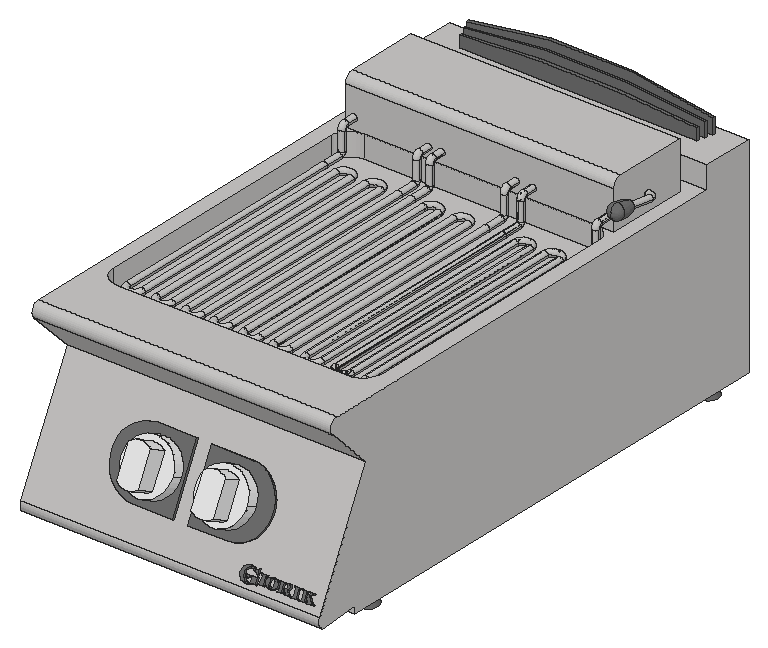
Revit family "QF_GIORIK_GL72TE", category Specialty Equipment, Revit 2014
Parameters (values of type "GL72TE")
  Weight in Pounds = 99.2079
  Watts = 4000 W
  Waste Water Discharge Temperature [instance] = 0 °C
  Volts = 400 V
  URL Cutsheet = "www.giorik.com"
  URL = "www.giorik.com"
  Status [instance] = ""
  Specification by User [instance] = ""
  Specification by Manufacturer = ""
  Show Logo [instance] = yes
  Show Clearance [instance] = yes
  Serial Number = ""
  Seismic Rating = ""
  SMACNA No = ""
  Revision Code [instance] = ""
  Plumbing Remarks [instance] = ""
  Plumbing Connection Type [instance] = ""
  Phase = 3
  Number of Poles [instance] = 3
  NAFEM Spec ID Number = ""
  Model = "GL72TE"
  Min Ckt Ampacity = 0 A
  Max Overcurrent Protection = 0 A
  Masterspec = ""
  Manufacturer = "GIORIK"
  Item Number [instance] = ""
  Installed By [instance] = ""
  Indirect Waste Size = 1"
  Indirect Waste Flow = 0.0 L/s
  Indirect Waste Connection Type [instance] = ""
  Indirect Waste Connection Height [instance] = 20 mm
  Identify Quantity as Lot [instance] = no
  HP = "5.364080000000"
  Furnished By [instance] = ""
  Foodservice Equipment Identifier [instance] = yes
  FL Amps = 0 A
  Electrical Remarks [instance] = ""
  Electric Connection Type [instance] = ""
  Elec Conn RI Height [instance] = 0 mm
  Elec Conn Connection Height [instance] = 20 mm
  Description = "ELECTRIC STEAMGRILL"
  Cycle = 50 Hz
  Conn Plug = ""
  Conn Conduit [instance] = no
  CSI MasterFormat = ""
  Assembly Code = "E1090320"
  Apparent Power = 4000 VA
Reference planes
  plane 1 "Back": y = 0
  plane 2: z = 0
  plane 3 "Left": x = 0
  plane 4 "Right": x = 400
  plane 5 "Front": y = -720
  plane 6 "Top": z = 300
Forms (mm)
  Extrusion 1, solid, visible <- "Show Logo"
    sketch origin (196.604, -736.761, 9.486) x (-1, 0, 0) y (0, 0.452718, 0.891654)
      loop
        line (-118.824, 58.358) -> (-127.804, 58.358) -> (-125.523, 56.445) -> (-125.523, 48.027) -> (-127.804, 46.113) -> (-118.824, 46.113) -> (-121.105, 48.027) -> (-121.105, 56.445) -> (-118.824, 58.358)
      loop
        line (-163.721, 58.358) -> (-172.7, 58.358) -> (-170.42, 56.445) -> (-170.42, 48.027) -> (-172.7, 46.113) -> (-163.721, 46.113) -> (-166.001, 48.027) -> (-166.001, 56.445) -> (-163.721, 58.358)
      loop
        line (-174.332, 58.358) -> (-183.312, 58.358) -> (-181.031, 56.445) -> (-181.031, 52.435) -> (-186.419, 56.955) -> (-184.416, 58.358) -> (-191.268, 58.358) -> (-188.01, 56.839) -> (-185.455, 54.283) -> (-190.846, 47.858) -> (-193.396, 46.93) -> (-193.396, 46.113) -> (-184.416, 46.113) -> (-185.437, 47.571) -> (-182.443, 51.552) -> (-181.031, 50.894) -> (-181.031, 48.027) -> (-183.312, 46.113) -> (-174.332, 46.113) -> (-176.613, 48.027) -> (-176.613, 56.445) -> (-174.332, 58.358)
      loop
        line (-115.429, 62.063) -> (-115.429, 54.198)
        arc (-115.429, 54.198) -> (-111.618, 57.803) -> (-106.847, 59.986) r 16.039
        arc (-106.847, 59.986) -> (-103.314, 59.837) -> (-100.512, 57.68) r 5.851
        arc (-100.512, 57.68) -> (-98.815, 52.267) -> (-100.512, 46.853) r 9.479
        arc (-100.512, 46.853) -> (-102.406, 44.986) -> (-104.846, 43.93) r 7.236
        arc (-104.846, 43.93) -> (-107.728, 44.111) -> (-110.052, 45.825) r 5.11
        line (-110.052, 45.825) -> (-110.052, 52.001) -> (-116.141, 52.001) -> (-116.141, 45.503) -> (-117.893, 43.751) -> (-114.094, 44.769)
        arc (-114.094, 44.769) -> (-112.56, 44.947) -> (-111.129, 44.366) r 3.115
        arc (-111.129, 44.366) -> (-104.216, 42.091) -> (-97.303, 44.366) r 11.641
        arc (-97.303, 44.366) -> (-93.396, 52.107) -> (-97.303, 59.849) r 9.622
        arc (-97.303, 59.849) -> (-104.369, 62.174) -> (-111.435, 59.849) r 11.898
        line (-111.435, 59.849) -> (-115.429, 62.063)
      loop
        arc (-129.234, 56.068) -> (-135.893, 58.628) -> (-142.552, 56.068) r 9.941
        arc (-142.552, 56.068) -> (-144.234, 52.286) -> (-142.552, 48.505) r 5.093
        arc (-142.552, 48.505) -> (-135.893, 45.945) -> (-129.234, 48.505) r 9.941
        arc (-129.234, 48.505) -> (-127.552, 52.286) -> (-129.234, 56.068) r 5.093
      loop
        arc (-132.628, 54.403) -> (-135.893, 57.668) -> (-139.158, 54.403) r 3.265
        line (-139.158, 54.403) -> (-139.158, 50.169)
        arc (-139.158, 50.169) -> (-135.893, 46.904) -> (-132.628, 50.169) r 3.265
        line (-132.628, 50.169) -> (-132.628, 54.403)
      loop
        arc (-156.363, 58.365) -> (-159.647, 55.081) -> (-156.363, 51.796) r 3.285
        line (-156.363, 51.796) -> (-159.529, 47.306) -> (-162.087, 46.113) -> (-155.847, 46.113) -> (-153.529, 51.083) -> (-150.637, 51.083) -> (-150.637, 47.784) -> (-153.022, 46.113) -> (-144.011, 46.113) -> (-146.094, 47.68) -> (-146.094, 56.493) -> (-144.229, 58.365) -> (-156.363, 58.365)
      loop
        line (-150.637, 57.512) -> (-153.637, 57.512)
        arc (-153.637, 57.512) -> (-156.237, 54.912) -> (-153.637, 52.312) r 2.6
        line (-153.637, 52.312) -> (-150.637, 52.312) -> (-150.637, 57.512)
      loop
        line (-108.924, 52.001) -> (-104.936, 49.005) -> (-100.948, 52.001) -> (-108.924, 52.001)
    from 1.5 to -0.5
  Extrusion 2, solid
    sketch origin (-4, 0, 0) x (1, 0, 0) y (0, 1, 0)
      loop
        circle (54, -385) r 12.5
    from 5 to 20
  Extrusion 3, solid
    sketch origin (0, 1000, -620) x (0, 1, 0) y (0, 0, 1)
      loop
        line (-1000, 919.988) -> (-1070, 919.988) -> (-1070, 889.988) -> (-1688.806, 889.988)
        arc (-1688.806, 889.988) -> (-1699.151, 883.075) -> (-1696.724, 870.873) r 11.197
        line (-1696.724, 870.873) -> (-1640.876, 815.025) -> (-1718.948, 661.258)
        arc (-1718.948, 661.258) -> (-1718.233, 650.105) -> (-1708.118, 645.354) r 10.981
        line (-1708.118, 645.354) -> (-1660, 649.925) -> (-1660, 640) -> (-1000, 640) -> (-1000, 919.988)
    from 0 to 400
  Extrusion 4, solid
    sketch origin (-273.221, -963.345, -547.637) x (1, 0, 0) y (0, 0.452718, 0.891654)
      loop
        line (463.221, 676.25) -> (463.221, 766.25) -> (409.698, 766.25)
        arc (409.698, 766.25) -> (364.698, 721.25) -> (409.698, 676.25) r 45
        line (409.698, 676.25) -> (463.221, 676.25)
    from 48 to 50
  Extrusion 5, solid
    sketch origin (501.331, -1008.697, -525.041) x (-1, 0, 0) y (0, -0.45351, -0.891251)
      loop
        circle (351.331, -721.346) r 35
    from 0 to 15
  Extrusion 6, solid
    sketch origin (501.331, -1008.697, -525.041) x (-1, 0, 0) y (0, -0.45351, -0.891251)
      loop
        arc (336.331, -743.846) -> (351.331, -748.846) -> (366.331, -743.846) r 25
        line (366.331, -743.846) -> (366.331, -698.846)
        arc (366.331, -698.846) -> (351.331, -693.846) -> (336.331, -698.846) r 25
        line (336.331, -698.846) -> (336.331, -743.846)
    from 15 to 40
  Extrusion 7, solid
    sketch origin (-94, 0, -610.001) x (1, 0, 0) y (0, 0, 1)
      loop
        line (135, 909.989) -> (453, 909.989) -> (453, 925.527) -> (347.056, 931.749) -> (240.944, 931.749) -> (135, 925.527) -> (135, 909.989)
    from 32 to 35
  Extrusion 8, solid
    sketch origin (-92, 10, -610.001) x (1, 0, 0) y (0, 0, 1)
      loop
        line (454, 909.989) -> (454, 928.527) -> (346.162, 939.193) -> (237.838, 939.193) -> (130, 928.527) -> (130, 909.989) -> (454, 909.989)
    from 32 to 35
  Extrusion 9, solid
    sketch origin (-90, 20, -610.001) x (1, 0, 0) y (0, 0, 1)
      loop
        line (455, 909.989) -> (455, 930.527) -> (345.396, 947.413) -> (234.604, 947.413) -> (125, 930.527) -> (125, 909.989) -> (455, 909.989)
    from 32 to 35
  Extrusion 10, void
    sketch origin (0, 0, 219.988) x (0, 1, 0) y (-1, 0, 0)
      loop
        arc (-200, -45) -> (-207.322, -27.322) -> (-225, -20) r 25
        line (-225, -20) -> (-589.698, -20)
        arc (-589.698, -20) -> (-607.375, -27.322) -> (-614.698, -45) r 25
        line (-614.698, -45) -> (-614.698, -355)
        arc (-614.698, -355) -> (-607.375, -372.678) -> (-589.698, -380) r 25
        line (-589.698, -380) -> (-225, -380)
        arc (-225, -380) -> (-207.322, -372.678) -> (-200, -355) r 25
        line (-200, -355) -> (-200, -45)
    from 20 to 50
  Extrusion 11, solid
    sketch origin (464.5, -383, 1248.988) x (0, -1, 0) y (0, 0, 1)
      loop
        line (-293, -915.5) -> (-293, -979) -> (-183, -979) -> (-183, -927.5)
        arc (-183, -927.5) -> (-186.515, -919.015) -> (-195, -915.5) r 12
        line (-195, -915.5) -> (-293, -915.5)
    from 84.5 to 444.5
  Sweep 12, solid
    path origin (-435.5, 1386.369, 50.284) x (0, 0.987688, -0.156434) y (-1, 0, 0)
      loop
        line (-1551.47, -757) -> (-1551.47, -818)
        arc (-1551.47, -818) -> (-1554.162, -824.308) -> (-1560.47, -827) r 9.2
        line (-1560.47, -827) -> (-1595.47, -827)
    profile origin (352, -146, 292.988) x (0, 0.987688, -0.156434) y (0, 0.156434, 0.987688)
      loop
        circle (0, 0) r 4
  Revolve 13, solid
    sketch origin (391.5, 1381.82, -876.578) x (0, 0.987688, -0.156434) y (0, 0.156434, 0.987688)
      loop
        line (-1735.97, 916.293) -> (-1735.97, 923.293)
        arc (-1735.97, 923.293) -> (-1746.353, 925.612) -> (-1756.97, 926.293) r 68.381
        arc (-1756.97, 926.293) -> (-1764.041, 923.364) -> (-1766.97, 916.293) r 10
        line (-1766.97, 916.293) -> (-1735.97, 916.293)
      axis (-1735.97, 916.293) -> (-1766.97, 916.293)
    angle from 0 to 360
  Sweep 14, solid
    path origin (31.228, 1252.908, -530.209) x (0, 1, 0) y (0, 0, 1)
      loop
        line (-1452.907, 815) -> (-1467.907, 815)
        arc (-1467.907, 815) -> (-1471.443, 813.536) -> (-1472.907, 810) r 5
        line (-1472.907, 810) -> (-1472.907, 785)
        arc (-1472.907, 785) -> (-1474.372, 781.464) -> (-1477.907, 780) r 5
        line (-1477.907, 780) -> (-1502.907, 780)
    profile origin (31.228, -207.5, 284.791) x (0, 0, -1) y (1, 0, 0)
      loop
        circle (0, 0) r 4
  Sweep 15, solid
    path origin (-1298.25, 1146.628, 249.791) x (0, 1, 0) y (-1, 0, 0)
      loop
        line (-1396.628, -1329.478) -> (-1726.628, -1329.478)
        arc (-1726.628, -1329.478) -> (-1736.628, -1339.478) -> (-1726.628, -1349.478) r 10
        line (-1726.628, -1349.478) -> (-1401.628, -1349.478)
        arc (-1401.628, -1349.478) -> (-1391.628, -1359.478) -> (-1401.628, -1369.478) r 10
        line (-1401.628, -1369.478) -> (-1726.628, -1369.478)
        arc (-1726.628, -1369.478) -> (-1736.628, -1379.478) -> (-1726.628, -1389.478) r 10
        line (-1726.628, -1389.478) -> (-1401.628, -1389.478)
        arc (-1401.628, -1389.478) -> (-1391.628, -1399.478) -> (-1401.628, -1409.478) r 10
        line (-1401.628, -1409.478) -> (-1726.628, -1409.478)
        arc (-1726.628, -1409.478) -> (-1736.628, -1419.478) -> (-1726.628, -1429.478) r 10
        line (-1726.628, -1429.478) -> (-1396.628, -1429.478)
    profile origin (31.228, -415, 249.791) x (1, 0, 0) y (0, 0, 1)
      loop
        circle (0, 0) r 4
  Sweep 16, solid
    path origin (131.228, 1252.908, -530.209) x (0, 1, 0) y (0, 0, 1)
      loop
        line (-1452.907, 815) -> (-1467.907, 815)
        arc (-1467.907, 815) -> (-1471.443, 813.536) -> (-1472.907, 810) r 5
        line (-1472.907, 810) -> (-1472.907, 785)
        arc (-1472.907, 785) -> (-1474.372, 781.464) -> (-1477.907, 780) r 5
        line (-1477.907, 780) -> (-1502.907, 780)
    profile origin (131.228, -207.5, 284.791) x (0, 0, -1) y (1, 0, 0)
      loop
        circle (0, 0) r 4
  Sweep 17, solid
    path origin (248.772, 1252.908, -530.209) x (0, 1, 0) y (0, 0, -1)
      loop
        line (-1452.907, -815) -> (-1467.907, -815)
        arc (-1467.907, -815) -> (-1471.443, -813.536) -> (-1472.907, -810) r 5
        line (-1472.907, -810) -> (-1472.907, -785)
        arc (-1472.907, -785) -> (-1474.372, -781.464) -> (-1477.907, -780) r 5
        line (-1477.907, -780) -> (-1502.907, -780)
    profile origin (248.772, -207.5, 284.791) x (0, 0, 1) y (-1, 0, 0)
      loop
        circle (0, 0) r 4
  Sweep 18, solid
    path origin (1578.25, 1146.628, 249.791) x (0, 1, 0) y (-1, 0, 0)
      loop
        line (-1396.628, 1329.478) -> (-1726.628, 1329.478)
        arc (-1726.628, 1329.478) -> (-1736.628, 1339.478) -> (-1726.628, 1349.478) r 10
        line (-1726.628, 1349.478) -> (-1401.628, 1349.478)
        arc (-1401.628, 1349.478) -> (-1391.628, 1359.478) -> (-1401.628, 1369.478) r 10
        line (-1401.628, 1369.478) -> (-1726.628, 1369.478)
        arc (-1726.628, 1369.478) -> (-1736.628, 1379.478) -> (-1726.628, 1389.478) r 10
        line (-1726.628, 1389.478) -> (-1401.628, 1389.478)
        arc (-1401.628, 1389.478) -> (-1391.628, 1399.478) -> (-1401.628, 1409.478) r 10
        line (-1401.628, 1409.478) -> (-1726.628, 1409.478)
        arc (-1726.628, 1409.478) -> (-1736.628, 1419.478) -> (-1726.628, 1429.478) r 10
        line (-1726.628, 1429.478) -> (-1396.628, 1429.478)
    profile origin (248.772, -415, 249.791) x (1, 0, 0) y (0, 0, 1)
      loop
        circle (0, 0) r 4
  Sweep 19, solid
    path origin (148.772, 1252.908, -530.209) x (0, 1, 0) y (0, 0, -1)
      loop
        line (-1452.907, -815) -> (-1467.907, -815)
        arc (-1467.907, -815) -> (-1471.443, -813.536) -> (-1472.907, -810) r 5
        line (-1472.907, -810) -> (-1472.907, -785)
        arc (-1472.907, -785) -> (-1474.372, -781.464) -> (-1477.907, -780) r 5
        line (-1477.907, -780) -> (-1502.907, -780)
    profile origin (148.772, -207.5, 284.791) x (0, 0, 1) y (-1, 0, 0)
      loop
        circle (0, 0) r 4
  Sweep 20, solid
    path origin (271.228, 1252.908, -530.209) x (0, 1, 0) y (0, 0, 1)
      loop
        line (-1452.907, 815) -> (-1467.907, 815)
        arc (-1467.907, 815) -> (-1471.443, 813.536) -> (-1472.907, 810) r 5
        line (-1472.907, 810) -> (-1472.907, 785)
        arc (-1472.907, 785) -> (-1474.372, 781.464) -> (-1477.907, 780) r 5
        line (-1477.907, 780) -> (-1502.907, 780)
    profile origin (271.228, -207.5, 284.791) x (0, 0, -1) y (1, 0, 0)
      loop
        circle (0, 0) r 4
  Sweep 21, solid
    path origin (-1058.25, 1146.628, 249.791) x (0, 1, 0) y (-1, 0, 0)
      loop
        line (-1396.628, -1329.478) -> (-1726.628, -1329.478)
        arc (-1726.628, -1329.478) -> (-1736.628, -1339.478) -> (-1726.628, -1349.478) r 10
        line (-1726.628, -1349.478) -> (-1401.628, -1349.478)
        arc (-1401.628, -1349.478) -> (-1391.628, -1359.478) -> (-1401.628, -1369.478) r 10
        line (-1401.628, -1369.478) -> (-1726.628, -1369.478)
        arc (-1726.628, -1369.478) -> (-1736.628, -1379.478) -> (-1726.628, -1389.478) r 10
        line (-1726.628, -1389.478) -> (-1401.628, -1389.478)
        arc (-1401.628, -1389.478) -> (-1391.628, -1399.478) -> (-1401.628, -1409.478) r 10
        line (-1401.628, -1409.478) -> (-1726.628, -1409.478)
        arc (-1726.628, -1409.478) -> (-1736.628, -1419.478) -> (-1726.628, -1429.478) r 10
        line (-1726.628, -1429.478) -> (-1396.628, -1429.478)
    profile origin (271.228, -415, 249.791) x (1, 0, 0) y (0, 0, 1)
      loop
        circle (0, 0) r 4
  Sweep 22, solid
    path origin (371.228, 1252.908, -530.209) x (0, 1, 0) y (0, 0, 1)
      loop
        line (-1452.907, 815) -> (-1467.907, 815)
        arc (-1467.907, 815) -> (-1471.443, 813.536) -> (-1472.907, 810) r 5
        line (-1472.907, 810) -> (-1472.907, 785)
        arc (-1472.907, 785) -> (-1474.372, 781.464) -> (-1477.907, 780) r 5
        line (-1477.907, 780) -> (-1502.907, 780)
    profile origin (371.228, -207.5, 284.791) x (0, 0, -1) y (1, 0, 0)
      loop
        circle (0, 0) r 4
  Extrusion 23, solid
    sketch origin (673.221, -963.345, -547.637) x (-1, 0, 0) y (0, -0.452718, -0.891654)
      loop
        line (463.221, -676.25) -> (409.698, -676.25)
        arc (409.698, -676.25) -> (364.698, -721.25) -> (409.698, -766.25) r 45
        line (409.698, -766.25) -> (463.221, -766.25) -> (463.221, -676.25)
    from 48 to 50
  Extrusion 24, solid
    sketch origin (-101.331, -1008.697, -525.041) x (1, 0, 0) y (0, 0.45351, 0.891251)
      loop
        circle (351.331, 721.346) r 35
    from 0 to 15
  Extrusion 25, solid
    sketch origin (-101.331, -1008.697, -525.041) x (1, 0, 0) y (0, 0.45351, 0.891251)
      loop
        line (336.331, 743.846) -> (336.331, 698.846)
        arc (336.331, 698.846) -> (351.331, 693.846) -> (366.331, 698.846) r 25
        line (366.331, 698.846) -> (366.331, 743.846)
        arc (366.331, 743.846) -> (351.331, 748.846) -> (336.331, 743.846) r 25
    from 15 to 40
  Extrusion 26, solid
    sketch origin (0, 0, -30) x (0, 1, 0) y (-1, 0, 0)
      loop
        circle (-195, -350) r 12.4
    from 35 to 50
  Sweep 27, solid
    path origin (148.772, 1252.908, -530.209) x (0, 1, 0) y (0, 0, 1)
      loop
        line (-1452.907, 815) -> (-1467.907, 815)
        arc (-1467.907, 815) -> (-1471.443, 813.536) -> (-1472.907, 810) r 5
        line (-1472.907, 810) -> (-1472.907, 785)
        arc (-1472.907, 785) -> (-1474.372, 781.464) -> (-1477.907, 780) r 5
        line (-1477.907, 780) -> (-1502.907, 780)
    profile origin (148.772, -207.5, 284.791) x (0, 0, -1) y (1, 0, 0)
      loop
        circle (0, 0) r 4
  Sweep 28, solid
    path origin (-1180.705, 1146.628, 249.791) x (0, 1, 0) y (-1, 0, 0)
      loop
        line (-1396.628, -1329.478) -> (-1726.628, -1329.478)
        arc (-1726.628, -1329.478) -> (-1736.628, -1339.478) -> (-1726.628, -1349.478) r 10
        line (-1726.628, -1349.478) -> (-1401.628, -1349.478)
        arc (-1401.628, -1349.478) -> (-1391.628, -1359.478) -> (-1401.628, -1369.478) r 10
        line (-1401.628, -1369.478) -> (-1726.628, -1369.478)
        arc (-1726.628, -1369.478) -> (-1736.628, -1379.478) -> (-1726.628, -1389.478) r 10
        line (-1726.628, -1389.478) -> (-1401.628, -1389.478)
        arc (-1401.628, -1389.478) -> (-1391.628, -1399.478) -> (-1401.628, -1409.478) r 10
        line (-1401.628, -1409.478) -> (-1726.628, -1409.478)
        arc (-1726.628, -1409.478) -> (-1736.628, -1419.478) -> (-1726.628, -1429.478) r 10
        line (-1726.628, -1429.478) -> (-1396.628, -1429.478)
    profile origin (148.772, -415, 249.791) x (1, 0, 0) y (0, 0, 1)
      loop
        circle (0, 0) r 4
  Sweep 29, solid
    path origin (248.772, 1252.908, -530.209) x (0, 1, 0) y (0, 0, 1)
      loop
        line (-1452.907, 815) -> (-1467.907, 815)
        arc (-1467.907, 815) -> (-1471.443, 813.536) -> (-1472.907, 810) r 5
        line (-1472.907, 810) -> (-1472.907, 785)
        arc (-1472.907, 785) -> (-1474.372, 781.464) -> (-1477.907, 780) r 5
        line (-1477.907, 780) -> (-1502.907, 780)
    profile origin (248.772, -207.5, 284.791) x (0, 0, -1) y (1, 0, 0)
      loop
        circle (0, 0) r 4
  Sweep 30, solid
    path origin (271.206, 1252.908, -530.209) x (0, 1, 0) y (0, 0, 1)
      loop
        line (-1452.907, 815) -> (-1467.907, 815)
        arc (-1467.907, 815) -> (-1471.443, 813.536) -> (-1472.907, 810) r 5
        line (-1472.907, 810) -> (-1472.907, 785)
        arc (-1472.907, 785) -> (-1474.372, 781.464) -> (-1477.907, 780) r 5
        line (-1477.907, 780) -> (-1502.907, 780)
    profile origin (271.206, -207.5, 284.791) x (0, 0, -1) y (1, 0, 0)
      loop
        circle (0, 0) r 4
  Sweep 31, solid
    path origin (-1058.272, 1146.628, 249.791) x (0, 1, 0) y (-1, 0, 0)
      loop
        line (-1396.628, -1329.478) -> (-1726.628, -1329.478)
        arc (-1726.628, -1329.478) -> (-1736.628, -1339.478) -> (-1726.628, -1349.478) r 10
        line (-1726.628, -1349.478) -> (-1401.628, -1349.478)
        arc (-1401.628, -1349.478) -> (-1391.628, -1359.478) -> (-1401.628, -1369.478) r 10
        line (-1401.628, -1369.478) -> (-1726.628, -1369.478)
        arc (-1726.628, -1369.478) -> (-1736.628, -1379.478) -> (-1726.628, -1389.478) r 10
        line (-1726.628, -1389.478) -> (-1401.628, -1389.478)
        arc (-1401.628, -1389.478) -> (-1391.628, -1399.478) -> (-1401.628, -1409.478) r 10
        line (-1401.628, -1409.478) -> (-1726.628, -1409.478)
        arc (-1726.628, -1409.478) -> (-1736.628, -1419.478) -> (-1726.628, -1429.478) r 10
        line (-1726.628, -1429.478) -> (-1396.628, -1429.478)
    profile origin (271.206, -415, 249.791) x (1, 0, 0) y (0, 0, 1)
      loop
        circle (0, 0) r 4
  Sweep 32, solid
    path origin (371.206, 1252.908, -530.209) x (0, 1, 0) y (0, 0, 1)
      loop
        line (-1452.907, 815) -> (-1467.907, 815)
        arc (-1467.907, 815) -> (-1471.443, 813.536) -> (-1472.907, 810) r 5
        line (-1472.907, 810) -> (-1472.907, 785)
        arc (-1472.907, 785) -> (-1474.372, 781.464) -> (-1477.907, 780) r 5
        line (-1477.907, 780) -> (-1502.907, 780)
    profile origin (371.206, -207.5, 284.791) x (0, 0, -1) y (1, 0, 0)
      loop
        circle (0, 0) r 4
  Extrusion 33, solid
    sketch origin (543.603, 45.293, -30) x (0, 1, 0) y (-1, 0, 0)
      loop
        circle (-79.293, 516.603) r 5
    from 41.965 to 50
  Revolve 34, solid
    sketch origin (27, 49.943, -600) x (0, 1, 0) y (0, 0, 1)
      loop
        line (-83.943, 611.965) -> (-94.752, 611.965) -> (-97.943, 600) -> (-83.943, 600) -> (-83.943, 611.965)
      axis (-83.943, 611.965) -> (-83.943, 600)
    angle from 0 to 360
  Extrusion 35, solid
    sketch origin (543.603, -524.707, -30) x (0, 1, 0) y (-1, 0, 0)
      loop
        circle (-79.293, 516.603) r 5
    from 41.965 to 50
  Revolve 36, solid
    sketch origin (27, -520.057, -600) x (0, 1, 0) y (0, 0, 1)
      loop
        line (-83.943, 611.965) -> (-94.752, 611.965) -> (-97.943, 600) -> (-83.943, 600) -> (-83.943, 611.965)
      axis (-83.943, 611.965) -> (-83.943, 600)
    angle from 0 to 360
  Extrusion 37, solid
    sketch origin (-143.603, 45.293, -30) x (0, 1, 0) y (-1, 0, 0)
      loop
        circle (-79.293, -516.603) r 5
    from 41.965 to 50
  Revolve 38, solid
    sketch origin (373, 49.943, -600) x (0, 1, 0) y (0, 0, -1)
      loop
        line (-83.943, -611.965) -> (-83.943, -600) -> (-97.943, -600) -> (-94.752, -611.965) -> (-83.943, -611.965)
      axis (-83.943, -611.965) -> (-83.943, -600)
    angle from 0 to 360
  Extrusion 39, solid
    sketch origin (-143.603, -524.707, -30) x (0, 1, 0) y (-1, 0, 0)
      loop
        circle (-79.293, -516.603) r 5
    from 41.965 to 50
  Revolve 40, solid
    sketch origin (373, -520.057, -600) x (0, 1, 0) y (0, 0, -1)
      loop
        line (-83.943, -611.965) -> (-83.943, -600) -> (-97.943, -600) -> (-94.752, -611.965) -> (-83.943, -611.965)
      axis (-83.943, -611.965) -> (-83.943, -600)
    angle from 0 to 360
Cuts and joins
  Extrusion 10 cuts Extrusion 3
Lines and regions (mm)
  symbolic lines, style "200-EquipBorder-2D"
    curve 1: line (0, -720, 0) -> (400, -720, 0)
    curve 2: line (400, -720, 0) -> (400, 0, 0)
    curve 3: line (400, 0, 0) -> (0, 0, 0)
    curve 4: line (0, 0, 0) -> (0, -720, 0)
  symbolic lines, style "200-EquipInternal-2D"
    curve 5: line (0, -70, 300) -> (400, -70, 300)
    curve 6: line (35, -12, 900) -> (365, -12, 900)
    curve 7: line (365, -12, 900) -> (365, -15, 900)
    curve 8: line (365, -15, 900) -> (35, -15, 900)
    curve 9: line (35, -15, 900) -> (35, -12, 900)
    curve 10: line (38, -22, 900) -> (362, -22, 900)
    curve 11: line (362, -22, 900) -> (362, -25, 900)
    curve 12: line (362, -25, 900) -> (38, -25, 900)
    curve 13: line (38, -25, 900) -> (38, -22, 900)
    curve 14: line (41, -32, 900) -> (359, -32, 900)
    curve 15: line (359, -32, 900) -> (359, -35, 900)
    curve 16: line (359, -35, 900) -> (41, -35, 900)
    curve 17: line (41, -35, 900) -> (41, -32, 900)
    curve 18: line (27.198, -200, 300) -> (27.198, -580, 300)
    curve 19: arc (27.198, -580, 300) -> (41.221, -594.023, 300) -> (55.244, -580, 300) r 14.023
    curve 20: line (55.244, -580, 300) -> (55.244, -255, 300)
    curve 21: arc (55.244, -255, 300) -> (61.198, -249.046, 300) -> (67.153, -255, 300) r 5.954
    curve 22: line (67.153, -255, 300) -> (67.153, -580, 300)
    curve 23: arc (67.153, -580, 300) -> (81.174, -594.021, 300) -> (95.195, -580, 300) r 14.021
    curve 24: line (95.195, -580, 300) -> (95.195, -255, 300)
    curve 25: arc (95.195, -255, 300) -> (101.209, -248.986, 300) -> (107.222, -255, 300) r 6.013
    curve 26: line (107.222, -255, 300) -> (107.222, -580, 300)
    curve 27: arc (107.222, -580, 300) -> (121.236, -594.014, 300) -> (135.25, -580, 300) r 14.014
    curve 28: line (135.25, -580, 300) -> (135.25, -200, 300)
    curve 29: line (127.255, -200, 300) -> (127.255, -580, 300)
    curve 30: line (115.195, -580, 300) -> (115.195, -255, 300)
    curve 31: arc (115.195, -255, 300) -> (101.212, -241.017, 300) -> (87.229, -255, 300) r 13.983
    curve 32: line (87.229, -255, 300) -> (87.229, -580, 300)
    curve 33: arc (87.229, -580, 300) -> (81.208, -586.021, 300) -> (75.187, -580, 300) r 6.021
    curve 34: line (75.187, -580, 300) -> (75.187, -255, 300)
    curve 35: arc (75.187, -255, 300) -> (61.225, -241.039, 300) -> (47.264, -255, 300) r 13.961
    curve 36: line (47.264, -255, 300) -> (47.264, -580, 300)
    curve 37: arc (47.264, -580, 300) -> (41.247, -586.017, 300) -> (35.229, -580, 300) r 6.017
    curve 38: line (35.229, -580, 300) -> (35.229, -200, 300)
    curve 39: arc (27.198, -207.448, 300) -> (21.869, -215.515, 300) -> (20, -225, 300) r 25
    curve 40: arc (35.229, -201.988, 300) -> (39.683, -200.606, 300) -> (44.307, -200, 300) r 27.373
    curve 41: arc (355.524, -200, 300) -> (361.575, -200.879, 300) -> (367.233, -203.197, 300) r 25.066
    curve 42: arc (375.228, -210.308, 300) -> (378.777, -217.276, 300) -> (380, -225, 300) r 25
    curve 43: line (144.742, -200, 300) -> (144.742, -580, 300)
    curve 44: arc (144.742, -580, 300) -> (158.766, -594.023, 300) -> (172.789, -580, 300) r 14.023
    curve 45: line (172.789, -580, 300) -> (172.789, -255, 300)
    curve 46: arc (172.789, -255, 300) -> (178.743, -249.046, 300) -> (184.697, -255, 300) r 5.954
    curve 47: line (184.697, -255, 300) -> (184.697, -580, 300)
    curve 48: arc (184.697, -580, 300) -> (198.719, -594.021, 300) -> (212.74, -580, 300) r 14.021
    curve 49: line (212.74, -580, 300) -> (212.74, -255, 300)
    curve 50: arc (212.74, -255, 300) -> (218.753, -248.986, 300) -> (224.767, -255, 300) r 6.013
    curve 51: line (224.767, -255, 300) -> (224.767, -580, 300)
    curve 52: arc (224.767, -580, 300) -> (238.781, -594.014, 300) -> (252.794, -580, 300) r 14.014
    curve 53: line (252.794, -580, 300) -> (252.794, -200, 300)
    curve 54: line (244.8, -200, 300) -> (244.8, -580, 300)
    curve 55: line (232.74, -580, 300) -> (232.74, -255, 300)
    curve 56: arc (232.74, -255, 300) -> (218.757, -241.017, 300) -> (204.774, -255, 300) r 13.983
    curve 57: line (204.774, -255, 300) -> (204.774, -580, 300)
    curve 58: arc (204.774, -580, 300) -> (198.753, -586.021, 300) -> (192.731, -580, 300) r 6.021
    curve 59: line (192.731, -580, 300) -> (192.731, -255, 300)
    curve 60: arc (192.731, -255, 300) -> (178.77, -241.039, 300) -> (164.809, -255, 300) r 13.961
    curve 61: line (164.809, -255, 300) -> (164.809, -580, 300)
    curve 62: arc (164.809, -580, 300) -> (158.791, -586.017, 300) -> (152.774, -580, 300) r 6.017
    curve 63: line (152.774, -580, 300) -> (152.774, -200, 300)
    curve 64: line (267.176, -200, 300) -> (267.176, -580, 300)
    curve 65: arc (267.176, -580, 300) -> (281.199, -594.023, 300) -> (295.222, -580, 300) r 14.023
    curve 66: line (295.222, -580, 300) -> (295.222, -255, 300)
    curve 67: arc (295.222, -255, 300) -> (301.176, -249.046, 300) -> (307.131, -255, 300) r 5.954
    curve 68: line (307.131, -255, 300) -> (307.131, -580, 300)
    curve 69: arc (307.131, -580, 300) -> (321.152, -594.021, 300) -> (335.173, -580, 300) r 14.021
    curve 70: line (335.173, -580, 300) -> (335.173, -255, 300)
    curve 71: arc (335.173, -255, 300) -> (341.186, -248.986, 300) -> (347.2, -255, 300) r 6.013
    curve 72: line (347.2, -255, 300) -> (347.2, -580, 300)
    curve 73: arc (347.2, -580, 300) -> (361.214, -594.014, 300) -> (375.228, -580, 300) r 14.014
    curve 74: line (375.228, -580, 300) -> (375.228, -200, 300)
    curve 75: line (367.233, -200, 300) -> (367.233, -580, 300)
    curve 76: line (355.173, -580, 300) -> (355.173, -255, 300)
    curve 77: arc (355.173, -255, 300) -> (341.19, -241.017, 300) -> (327.207, -255, 300) r 13.983
    curve 78: line (327.207, -255, 300) -> (327.207, -580, 300)
    curve 79: arc (327.207, -580, 300) -> (321.186, -586.021, 300) -> (315.165, -580, 300) r 6.021
    curve 80: line (315.165, -580, 300) -> (315.165, -255, 300)
    curve 81: arc (315.165, -255, 300) -> (301.203, -241.039, 300) -> (287.242, -255, 300) r 13.961
    curve 82: line (287.242, -255, 300) -> (287.242, -580, 300)
    curve 83: arc (287.242, -580, 300) -> (281.224, -586.017, 300) -> (275.207, -580, 300) r 6.017
    curve 84: line (275.207, -580, 300) -> (275.207, -200, 300)
    curve 85: line (45, -614.698, 300) -> (355, -614.698, 300)
    curve 86: arc (115.195, -580, 300) -> (121.225, -586.03, 300) -> (127.255, -580, 300) r 6.03
    curve 87: arc (232.74, -580, 300) -> (238.77, -586.03, 300) -> (244.8, -580, 300) r 6.03
    curve 88: arc (367.233, -580, 300) -> (361.203, -586.03, 300) -> (355.173, -580, 300) r 6.03
    curve 89: arc (355, -614.698, 300) -> (372.678, -607.375, 300) -> (380, -589.698, 300) r 25
    curve 90: arc (45, -614.698, 300) -> (27.322, -607.375, 300) -> (20, -589.698, 300) r 25
    curve 91: line (20, -589.698, 300) -> (20, -225, 300)
    curve 92: line (380, -225, 300) -> (380, -589.698, 300)
    curve 93: line (20, -200, 300) -> (20, -90, 300)
    curve 94: line (20, -90, 300) -> (380, -90, 300)
    curve 95: line (380, -90, 300) -> (380, -200, 300)
    curve 96: line (380, -200, 300) -> (20, -200, 300)
    curve 97: line (380, -142, 300) -> (382.536, -142, 300)
    curve 98: line (380, -149.982, 300) -> (382.404, -149.982, 300)
    curve 99: line (387.501, -155.079, 300) -> (387.501, -188.518, 300)
    curve 100: line (395.499, -154.963, 300) -> (395.499, -188.518, 300)
    curve 101: arc (382.404, -149.982, 300) -> (386.008, -151.475, 300) -> (387.501, -155.079, 300) r 5.097
    curve 102: arc (382.536, -142, 300) -> (391.702, -145.797, 300) -> (395.499, -154.963, 300) r 12.963
    curve 103: arc (381.533, -210.204, 300) -> (391.533, -220.204, 300) -> (401.533, -210.204, 300) r 10
    curve 104: arc (401.533, -210.204, 300) -> (400.804, -199.779, 300) -> (398.631, -189.557, 300) r 74.904
    curve 105: arc (384.461, -189.443, 300) -> (382.269, -199.721, 300) -> (381.533, -210.204, 300) r 75.072
    curve 106: arc (395.499, -188.518, 300) -> (397.163, -188.743, 300) -> (398.631, -189.557, 300) r 4.546
    curve 107: arc (387.501, -188.518, 300) -> (385.891, -188.685, 300) -> (384.461, -189.443, 300) r 4.244
Dimensions and locks
  plane 3 "Left" to plane 4 "Right" = 400 mm
  plane 5 "Front" to plane 1 "Back" = 720 mm
  plane 4 "Right" to plane 3 "Left" = 400 mm
  plane 1 "Back" to plane 5 "Front" = 720 mm
  plane 6 "Top" to level = 300 mm  (x2)
  aligned and locked: level to plane 2
Connectors
  piping at (350, -195, 5), diameter 25.4, driven by "Indirect Waste Size", driven by "Indirect Waste Flow"
    settings: on Extrusion 26, index 2, connector inside diameter 24", connector length 0 mm, flow factor 0, pipe flow 0.0 L/s, pressure drop 0.0 Pa, fitting loss kfactor 0, connector angle 0.00°, fixture units 0, engagement length 0 mm, angle of deflection 0.00°, flow configuration 1, flow direction 2, fitting loss method 0, system type 16, joint type 0, gender type 0, connector reference index -1, connector utility 0, adjustable connector no, is connector primary yes, connector description "Drain connection"
  electrical at (50, -385, 5), driven by "Apparent Power", driven by "Volts", driven by "Number of Poles"
    settings: on Extrusion 2, index 3, voltage 400 V, apparent load 0 VA, apparent load phase1 4000 VA, apparent load phase2 0 VA, apparent load phase3 0 VA, power factor 1, load classification "Other", number of poles 3, system type 31, power factor state 1, is connector primary yes, connector utility no, sub classification motor no, connector description "Electrical connection"
